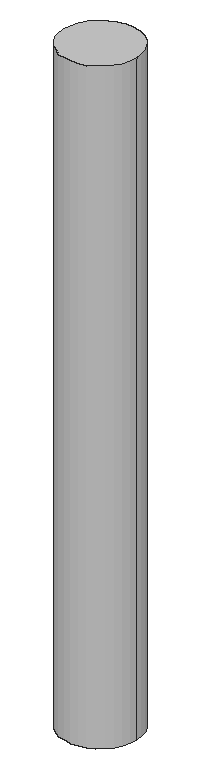
Revit family
Parameters (values of type "300mm")
  b = 300 mm
  Column Material [instance] = Concrete - Cast-in-Place Concrete
Types (5, lengths in mm): name | b
  (no name) | 300
  300mm | 300
  450mm | 450
  600mm | 600
  750mm | 750
Reference planes
  plane 1 "Center (Front/Back)": y = 0
  plane 2: z = 0
  plane 3 "Center (Left/Right)": x = 0
  plane 4: x = -150
  plane 5: x = 150
  plane 6: y = 150
  plane 7: y = -150
Forms (mm)
  Extrusion 1, solid, material "Concrete - Cast-in-Place Concrete" <- "Column Material"
    sketch origin (0, 0, 0) x (1, 0, 0) y (0, 1, 0)
      loop
        circle (0, 0) r 150
    from 0 to 2500
Dimensions and locks
  equal spacing: plane 4, plane 3 "Center (Left/Right)", plane 5
  equal spacing: plane 7, plane 1 "Center (Front/Back)", plane 6
  "b": plane 7 to plane 6
  "b": plane 4 to plane 5
  aligned and locked: level to Extrusion 1
  aligned and locked: level to plane 2
  aligned and locked: Extrusion 1 to plane 2
Automatic sketch dimensions
  Extrusion 1 sketch curve to plane 1 "Center (Front/Back)" = 0 mm
  Extrusion 1 sketch curve to plane 4 = 0 mm
  Extrusion 1 sketch curve to plane 3 "Center (Left/Right)" = 0 mm
